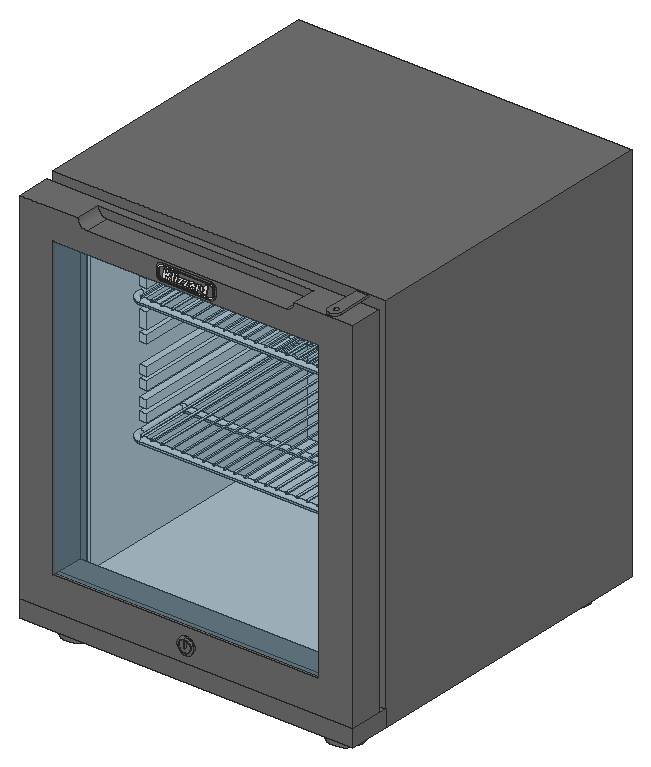
Revit family "QF_BLIZZARD_BMB30G_240315122217", category Specialty Equipment, Revit 2021
Family settings
  Round Connector Dimension = Use Diameter
  Part Type = Normal
  OmniClass Number = 23.40.40.14
  OmniClass Title = Food Service Equipment
  Work Plane-Based = No
  Always vertical = Yes
  Cut with Voids When Loaded = No
  Shared = No
  Room Calculation Point = No
Parameters (values of type "BMB30G")
  Weight [instance] = 16.6015 kg
  Warranty Start Date [instance] = ""
  Warranty Duration [instance] = ""
  Volts [instance] = 230 V
  Volt Free Conn [instance] = no
  URL Recommended Spares List [instance] = ""
  URL Manufacturer [instance] = ""
  URL Cutsheet [instance] = ""
  URL Critical Spares List [instance] = ""
  URL = "www.blizzardequipment.com"
  Treated Water Size = 0 mm
  Treated Water Recommended Temperature = 0 °C
  Treated Water RI Height [instance] = 0 mm
  Treated Water Minimum Pressure = 0.0 Pa
  Treated Water Maximum Pressure = 0.0 Pa
  Treated Water Flow = 0.0 L/s
  Treated Water Consumption = ""
  Treated Water Connection Height [instance] = 0 mm
  Technical Documentation [instance] = ""
  Tag Number [instance] = ""
  Status [instance] = ""
  Start Up Current [instance] = 0 A
  Specification by User [instance] = ""
  Specification by Manufacturer [instance] = ""
  Sound Level [instance] = ""
  Show Logo [instance] = yes
  Show Clearances [instance] = yes
  Service Life Duration [instance] = ""
  Serial Number [instance] = ""
  Sensitive Heat Output = 0 W
  Seismic Rating [instance] = ""
  SMACNA No [instance] = ""
  Revision Code [instance] = ""
  Revision [instance] = ""
  Refrigeration Suction Line Size = 0 mm
  Refrigeration Liquid Line Size = 0 mm
  Production Year [instance] = ""
  Potential Equalisation [instance] = no
  Point Load [instance] = 0
  Plumbing Remarks [instance] = ""
  Phase [instance] = 1
  Other Equipment Approvals [instance] = ""
  Operational Current [instance] = 0 A
  Odor Trap Included = no
  Number of Poles [instance] = 2
  No Load Power Draw [instance] = no
  National Water Regulation Certification = no
  NAFEM Spec ID Number [instance] = ""
  Model Warning [instance] = ""
  Model = "BMB30G"
  Min Ckt Ampacity [instance] = 0 A
  Mechanical Remarks [instance] = ""
  Mechanical Connection Type [instance] = ""
  Max Overcurrent Protection [instance] = 13 A
  Masterspec [instance] = ""
  Manufacturer = "BLIZZARD"
  Main switch integrated [instance] = no
  Length Actual [instance] = 400.05 mm
  Latent Heat Output = 0 W
  Item Number [instance] = ""
  Installed By [instance] = ""
  Installation Date [instance] = ""
  Identify Quantity as Lot [instance] = no
  ID [instance] = ""
  Hygiene Approval [instance] = ""
  Hot Water Consumption = 0.0 L/s
  Height Actual [instance] = 480.009 mm
  HP power [instance] = ""
  Gas power kW = 0
  Furnished By [instance] = ""
  Foodservice Equipment Identifier [instance] = no
  Filtered Water Supply Size = 0 mm
  Filtered Water RI Height [instance] = 0 mm
  Filtered Water Quality = ""
  Filtered Water Minimum Pressure = 0.0 Pa
  Filtered Water Maximum Pressure = 0.0 Pa
  Filtered Water Flow = 0.0 L/s
  Filtered Water Connection Height [instance] = 0 mm
  FL Amps [instance] = 2.82 A
  Energy Efficiency Labelling = ""
  Electrical Remarks [instance] = ""
  Electric power [instance] = 650 W
  Electric Connection Type [instance] = ""
  Elec Conn RI Height [instance] = 0 mm
  Elec Conn Connection Height [instance] = 0 mm
  ETL Approved [instance] = no
  Direct Heat Output = 0 W
  Description = "GLASS DOOR MINI BAR (10 BOTTLES)"
  Depth Actual [instance] = 440.004 mm
  Default Elevation = 0 mm
  Cycle [instance] = 50 Hz
  Cost = 334
  Connection to energy optimisation system [instance] = yes
  Conn Plug [instance] = ""
  Conn Conduit [instance] = no
  Cold Water Consumption = 0.0 L/s
  Centralized building control system with digital interface [instance] = ""
  CSI MasterFormat [instance] = ""
  CE Approved [instance] = no
  Barcode [instance] = 0
  Author [instance] = ""
  Asset Identifier [instance] = ""
  Apparent Power [instance] = 650 VA
  Accessory [instance] = no
Reference planes
  plane 1 "Center (Front/Back)": y = 0
  plane 2: z = 0
  plane 3 "Center (Left/Right)": x = 0
Forms (mm)
  Extrusion 1, solid, not visible
    sketch origin (200.01, -2, 40.002) x (1, 0, 0) y (0, 1, 0)
      loop
        line (-2, 2) -> (-2, -2) -> (2, -2) -> (2, 2) -> (-2, 2)
    from -2 to 2
Dimensions and locks
  locked: Extrusion 1 to nested 2
  locked: nested 2 to Extrusion 1 at 2
  aligned and locked: level to plane 2
Nested families
  nested 1: "QF_BLIZZARD_BMB30G_2861" at (0, 0, 0), type "BMB30G"
    with Weight 534.137 kg, Warranty Start Date "", Warranty Duration "", URL Cutsheet "", Technical Documentation "", Tag Number "", Status "", Specification by User "", Specification by Manufacturer "", Sound Level "", Solid Fuel Type "", Show Logo yes, Show Clearances yes, Service Life Duration "", Serial Number "", Seismic Rating "", SMACNA No "", Revision Code "", Revision "", Production Year "", Point Load 0, Other Equipment Approvals "", NAFEM Spec ID Number "", Model Warning "", Masterspec "", Length Actual 400.05 mm, Item Number "", Installed By "", Installation Date "", Identify Quantity as Lot yes, ID "", Hygiene Approval "", Height Actual 480.009 mm, Furnished By "", Foodservice Equipment Identifier yes, ETL Approved yes, Depth Actual 440.004 mm, CSI MasterFormat "", CE Approved yes, Barcode "", Author "", Asset Identifier "", Accessory no
  nested 2: "CONN_POINT_ELE_2D___Generic_Annotation" at (200.01, 0, 40.002), type "CONN_POINT_ELE_2D___Generic_Annotation"
    with Onboard connection annotation symbol visibility yes
Connectors
  electrical at (200.01, 0, 40.002), driven by "Apparent Power", driven by "Number of Poles", driven by "Volts"
    settings: on Extrusion 1, index 1, voltage 230 V, apparent load 0 VA, apparent load phase1 650 VA, apparent load phase2 0 VA, apparent load phase3 0 VA, power factor 1, load classification "Other", number of poles 2, system type 31, power factor state 1, is connector primary yes, connector utility no, sub classification motor no, connector description "Electrical connection for BMB30G"
Definition of nested family "QF_BLIZZARD_BMB30G_2861"
  Parameters (values of type "BMB30G")
    Weight [instance] = 0.00 kg
    Warranty Start Date [instance] = ""
    Warranty Duration [instance] = ""
    URL Cutsheet [instance] = ""
    URL = "www.blizzardequipment.com"
    Technical Documentation [instance] = ""
    Tag Number [instance] = ""
    Status [instance] = ""
    Specification by User [instance] = ""
    Specification by Manufacturer [instance] = ""
    Sound Level [instance] = ""
    Solid Fuel Type [instance] = ""
    Show Logo [instance] = yes
    Show Clearances [instance] = yes
    Service Life Duration [instance] = ""
    Serial Number [instance] = ""
    Seismic Rating [instance] = ""
    SMACNA No [instance] = ""
    Revision Code [instance] = ""
    Revision [instance] = ""
    Production Year [instance] = ""
    Point Load [instance] = 0
    Other Equipment Approvals [instance] = ""
    NAFEM Spec ID Number [instance] = ""
    Model Warning [instance] = ""
    Model = "BMB30G"
    Masterspec [instance] = ""
    Manufacturer = "BLIZZARD"
    Length Actual [instance] = 0 mm
    Item Number [instance] = ""
    Installed By [instance] = ""
    Installation Date [instance] = ""
    Identify Quantity as Lot [instance] = yes
    ID [instance] = ""
    Hygiene Approval [instance] = ""
    Height Actual [instance] = 0 mm
    Furnished By [instance] = ""
    Foodservice Equipment Identifier [instance] = yes
    ETL Approved [instance] = yes
    Description = "GLASS DOOR MINI BAR (10 BOTTLES)"
    Depth Actual [instance] = 0 mm
    Default Elevation = 0 mm
    CSI MasterFormat [instance] = ""
    CE Approved [instance] = yes
    Barcode [instance] = ""
    Author [instance] = ""
    Asset Identifier [instance] = ""
    Assembly Code = "E1090320"
    Accessory [instance] = yes
  Reference planes
    plane 1 "Back": y = 0
    plane 2: z = 0
    plane 3 "Left": x = 0
    plane 4 "Right": x = 400
    plane 5 "Front": y = -420
    plane 6 "Top": z = 480
  Forms (mm)
    Extrusion 1, solid
      sketch origin (0, 60, 10) x (1, 0, 0) y (0, 0, 1)
        loop
          line (0, 470) -> (0, 10) -> (400, 10) -> (400, 470) -> (0, 470)
        loop
          line (40, 430) -> (40, 50) -> (360, 50) -> (360, 430) -> (40, 430)
      from 60 to 430
    Revolve 2, solid
      sketch origin (0, -40, 0) x (1, 0, 0) y (0, 0, -1)
        loop
          line (50, -20) -> (50, -15) -> (60, -15) -> (60, 0) -> (40, 0) -> (40, -20) -> (50, -20)
        axis (40, 0) -> (40, -20)
      angle from 0 to 360
    Revolve 3, solid
      sketch origin (200, 220, -745) x (0, 1, 0) y (0, 0, 1)
        loop
          line (-640, 812.281) -> (-640, 815) -> (-641, 815) -> (-642.268, 812.281) -> (-640, 812.281)
        axis (-640, 805) -> (-642.268, 805)
      angle from 0 to 360
    Extrusion 4, solid
      sketch origin (200, -420, -745) x (1, 0, 0) y (0, 0, 1)
        loop
          circle (0, 805) r 7.281
      from 0 to 2.268
    Extrusion 5, solid
      sketch origin (-169.781, -420.768, -745) x (1, 0, 0) y (0, 0, 1)
        loop
          line (368.781, 810.281) -> (368.781, 803.281) -> (370.781, 803.281) -> (370.781, 810.281) -> (368.781, 810.281)
      from 0.232 to 2
    Extrusion 6, solid, visible <- "Show Clearances", detail levels coarse
      sketch origin (0, 0, 0) x (1, 0, 0) y (0, 1, 0)
        loop
          arc (0, -420) -> (117.157, -702.843) -> (400, -820) r 400
          line (400, -820) -> (400, -420) -> (0, -420)
      from 40 to 475
    Revolve 7, solid
      sketch origin (400, -40, 0) x (-1, 0, 0) y (0, 0, 1)
        loop
          line (50, 20) -> (40, 20) -> (40, 0) -> (60, 0) -> (60, 15) -> (50, 15) -> (50, 20)
        axis (40, 0) -> (40, 20)
      angle from 0 to 360
    Extrusion 8, solid
      sketch origin (0, -390, 0) x (1, 0, 0) y (0, 0, 1)
        loop
          line (0, 475) -> (0, 40) -> (400, 40) -> (400, 475) -> (0, 475)
        loop
          line (360, 80) -> (360, 440) -> (40, 440) -> (40, 80) -> (360, 80)
      from -10 to 30
    Extrusion 9, solid
      sketch origin (0, -412, 0) x (1, 0, 0) y (0, 0, 1)
        loop
          line (40, 440) -> (40, 80) -> (360, 80) -> (360, 440) -> (40, 440)
      from 0 to 5
    Revolve 10, solid
      sketch origin (0, -380, 0) x (1, 0, 0) y (0, 0, 1)
        loop
          line (50, 20) -> (40, 20) -> (40, 0) -> (60, 0) -> (60, 15) -> (50, 15) -> (50, 20)
        axis (40, 0) -> (40, 20)
      angle from 0 to 360
    Revolve 11, solid
      sketch origin (400, -380, 0) x (-1, 0, 0) y (0, 0, -1)
        loop
          line (50, -20) -> (50, -15) -> (60, -15) -> (60, 0) -> (40, 0) -> (40, -20) -> (50, -20)
        axis (40, 0) -> (40, -20)
      angle from 0 to 360
    Extrusion 12, solid
      sketch origin (0, 0, 0) x (1, 0, 0) y (0, 0, 1)
        loop
          line (40, 440) -> (40, 60) -> (360, 60) -> (360, 440) -> (40, 440)
      from 0 to 40
    Extrusion 13, solid
      sketch origin (0, -380, 0) x (1, 0, 0) y (0, 0, 1)
        loop
          line (0, 40) -> (0, 20) -> (400, 20) -> (400, 40) -> (0, 40)
      from -10 to 40
    Extrusion 14, solid
      sketch origin (40, -380, 0) x (1, 0, 0) y (0, 0, 1)
        loop
          line (-25, 55) -> (345, 55) -> (345, 465) -> (-25, 465) -> (-25, 55)
        loop
          line (-15, 65) -> (335, 65) -> (335, 455) -> (-15, 455) -> (-15, 65)
      from -10 to 0
    Extrusion 15, solid
      sketch origin (40, 0, 0) x (0, 1, 0) y (0, 0, 1)
        loop
          line (-370, 440) -> (-370, 435) -> (-45, 435) -> (-45, 65) -> (-370, 65) -> (-370, 60) -> (-40, 60) -> (-40, 440) -> (-370, 440)
      from 0 to 320
    Extrusion 16, solid
      sketch origin (355, 0, 0) x (0, 1, 0) y (0, 0, 1)
        loop
          line (-370, 435) -> (-370, 65) -> (-45, 65) -> (-45, 435) -> (-370, 435)
      from 0 to 5
    Extrusion 17, solid
      sketch origin (40, 0, 0) x (0, 1, 0) y (0, 0, 1)
        loop
          line (-370, 435) -> (-370, 65) -> (-45, 65) -> (-45, 435) -> (-370, 435)
      from 0 to 5
    Sweep 18, solid
      path origin (47.141, -118.803, 182.795) x (1, 0, 0) y (0, 1, 0)
        loop
          arc (11.859, 55.803) -> (3.373, 52.288) -> (-0.141, 43.803) r 12
          line (-0.141, 43.803) -> (-0.141, -178.83)
          arc (-0.141, -178.83) -> (3.373, -187.316) -> (11.859, -190.83) r 12
          line (11.859, -190.83) -> (293.859, -190.83)
          arc (293.859, -190.83) -> (302.344, -187.316) -> (305.859, -178.83) r 12
          line (305.859, -178.83) -> (305.859, 43.803)
          arc (305.859, 43.803) -> (302.344, 52.288) -> (293.859, 55.803) r 12
          line (293.859, 55.803) -> (11.859, 55.803)
      profile origin (200, -63, 182.795) x (0, 1, 0) y (0, 0, 1)
        loop
          circle (0, 0) r 3.5
    Extrusion 19, solid
      sketch origin (44, -118.803, 182.795) x (1, 0, 0) y (0, 0, 1)
        loop
          circle (13.5, 4.5) r 1
        loop
          circle (26, 4.5) r 1
        loop
          circle (38.5, 4.5) r 1
        loop
          circle (51, 4.5) r 1
        loop
          circle (63.5, 4.5) r 1
        loop
          circle (76, 4.5) r 1
        loop
          circle (88.5, 4.5) r 1
        loop
          circle (101, 4.5) r 1
        loop
          circle (113.5, 4.5) r 1
        loop
          circle (126, 4.5) r 1
        loop
          circle (138.5, 4.5) r 1
        loop
          circle (151, 4.5) r 1
        loop
          circle (163.5, 4.5) r 1
        loop
          circle (176, 4.5) r 1
        loop
          circle (188.5, 4.5) r 1
        loop
          circle (201, 4.5) r 1
        loop
          circle (213.5, 4.5) r 1
        loop
          circle (226, 4.5) r 1
        loop
          circle (238.5, 4.5) r 1
        loop
          circle (251, 4.5) r 1
        loop
          circle (263.5, 4.5) r 1
        loop
          circle (276, 4.5) r 1
        loop
          circle (288.5, 4.5) r 1
        loop
          circle (301, 4.5) r 1
      from -55.803 to 190.797
    Extrusion 20, solid
      sketch origin (47.5, -24.816, 182.795) x (0, 1, 0) y (0, 0, 1)
        loop
          circle (-211.5, 0) r 3.5
      from 0 to 305
    Extrusion 21, solid
      sketch origin (1653.773, -1349.75, -513.657) x (1, 0, 0) y (0, 0, 1)
        loop
          line (-1608.773, 844.071) -> (-1608.773, 834.071) -> (-1598.773, 834.071) -> (-1598.773, 844.071) -> (-1608.773, 844.071)
      from -1274.75 to -1052.117
    Sweep 22, solid
      path origin (47.141, -118.803, 332.795) x (1, 0, 0) y (0, 1, 0)
        loop
          arc (11.859, 55.803) -> (3.373, 52.288) -> (-0.141, 43.803) r 12
          line (-0.141, 43.803) -> (-0.141, -178.83)
          arc (-0.141, -178.83) -> (3.373, -187.316) -> (11.859, -190.83) r 12
          line (11.859, -190.83) -> (293.859, -190.83)
          arc (293.859, -190.83) -> (302.344, -187.316) -> (305.859, -178.83) r 12
          line (305.859, -178.83) -> (305.859, 43.803)
          arc (305.859, 43.803) -> (302.344, 52.288) -> (293.859, 55.803) r 12
          line (293.859, 55.803) -> (11.859, 55.803)
      profile origin (200, -63, 332.795) x (0, 1, 0) y (0, 0, 1)
        loop
          circle (0, 0) r 3.5
    Extrusion 23, solid
      sketch origin (44, -118.803, 332.795) x (1, 0, 0) y (0, 0, 1)
        loop
          circle (13.5, 4.5) r 1
        loop
          circle (26, 4.5) r 1
        loop
          circle (38.5, 4.5) r 1
        loop
          circle (51, 4.5) r 1
        loop
          circle (63.5, 4.5) r 1
        loop
          circle (76, 4.5) r 1
        loop
          circle (88.5, 4.5) r 1
        loop
          circle (101, 4.5) r 1
        loop
          circle (113.5, 4.5) r 1
        loop
          circle (126, 4.5) r 1
        loop
          circle (138.5, 4.5) r 1
        loop
          circle (151, 4.5) r 1
        loop
          circle (163.5, 4.5) r 1
        loop
          circle (176, 4.5) r 1
        loop
          circle (188.5, 4.5) r 1
        loop
          circle (201, 4.5) r 1
        loop
          circle (213.5, 4.5) r 1
        loop
          circle (226, 4.5) r 1
        loop
          circle (238.5, 4.5) r 1
        loop
          circle (251, 4.5) r 1
        loop
          circle (263.5, 4.5) r 1
        loop
          circle (276, 4.5) r 1
        loop
          circle (288.5, 4.5) r 1
        loop
          circle (301, 4.5) r 1
      from -55.803 to 190.797
    Extrusion 24, solid
      sketch origin (47.5, -24.816, 332.795) x (0, 1, 0) y (0, 0, 1)
        loop
          circle (-211.5, 0) r 3.5
      from 0 to 305
    Extrusion 25, solid
      sketch origin (1653.773, -1349.75, -663.657) x (1, 0, 0) y (0, 0, 1)
        loop
          line (-1608.773, 844.071) -> (-1608.773, 834.071) -> (-1598.773, 834.071) -> (-1598.773, 844.071) -> (-1608.773, 844.071)
      from -1274.75 to -1052.117
    Extrusion 26, solid
      sketch origin (1953.773, -1349.75, -513.657) x (1, 0, 0) y (0, 0, 1)
        loop
          line (-1608.773, 844.071) -> (-1608.773, 834.071) -> (-1598.773, 834.071) -> (-1598.773, 844.071) -> (-1608.773, 844.071)
      from -1274.75 to -1052.117
    Extrusion 27, solid
      sketch origin (1953.773, -1349.75, -663.657) x (1, 0, 0) y (0, 0, 1)
        loop
          line (-1608.773, 844.071) -> (-1608.773, 834.071) -> (-1598.773, 834.071) -> (-1598.773, 844.071) -> (-1608.773, 844.071)
      from -1274.75 to -1052.117
    Extrusion 28, solid
      sketch origin (1653.773, -1349.75, -528.657) x (1, 0, 0) y (0, 0, 1)
        loop
          line (-1608.773, 844.071) -> (-1608.773, 824.071) -> (-1598.773, 824.071) -> (-1598.773, 844.071) -> (-1608.773, 844.071)
      from -1274.75 to -1052.117
    Extrusion 29, solid
      sketch origin (1953.773, -1349.75, -528.657) x (1, 0, 0) y (0, 0, 1)
        loop
          line (-1608.773, 844.071) -> (-1608.773, 824.071) -> (-1598.773, 824.071) -> (-1598.773, 844.071) -> (-1608.773, 844.071)
      from -1274.75 to -1052.117
    Extrusion 30, solid
      sketch origin (1653.773, -1349.75, -553.657) x (1, 0, 0) y (0, 0, 1)
        loop
          line (-1608.773, 844.071) -> (-1608.773, 834.071) -> (-1598.773, 834.071) -> (-1598.773, 844.071) -> (-1608.773, 844.071)
      from -1274.75 to -1052.117
    Extrusion 31, solid
      sketch origin (1953.773, -1349.75, -553.657) x (1, 0, 0) y (0, 0, 1)
        loop
          line (-1608.773, 844.071) -> (-1608.773, 834.071) -> (-1598.773, 834.071) -> (-1598.773, 844.071) -> (-1608.773, 844.071)
      from -1274.75 to -1052.117
    Extrusion 32, solid
      sketch origin (1653.773, -1349.75, -588.657) x (1, 0, 0) y (0, 0, 1)
        loop
          line (-1608.773, 844.071) -> (-1608.773, 834.071) -> (-1598.773, 834.071) -> (-1598.773, 844.071) -> (-1608.773, 844.071)
      from -1274.75 to -1052.117
    Extrusion 33, solid
      sketch origin (1953.773, -1349.75, -588.657) x (1, 0, 0) y (0, 0, 1)
        loop
          line (-1608.773, 844.071) -> (-1608.773, 834.071) -> (-1598.773, 834.071) -> (-1598.773, 844.071) -> (-1608.773, 844.071)
      from -1274.75 to -1052.117
    Extrusion 34, solid
      sketch origin (1653.773, -1349.75, -603.657) x (1, 0, 0) y (0, 0, 1)
        loop
          line (-1608.773, 844.071) -> (-1608.773, 834.071) -> (-1598.773, 834.071) -> (-1598.773, 844.071) -> (-1608.773, 844.071)
      from -1274.75 to -1052.117
    Extrusion 35, solid
      sketch origin (1953.773, -1349.75, -603.657) x (1, 0, 0) y (0, 0, 1)
        loop
          line (-1608.773, 844.071) -> (-1608.773, 834.071) -> (-1598.773, 834.071) -> (-1598.773, 844.071) -> (-1608.773, 844.071)
      from -1274.75 to -1052.117
    Extrusion 36, solid
      sketch origin (1653.773, -1349.75, -623.657) x (1, 0, 0) y (0, 0, 1)
        loop
          line (-1608.773, 844.071) -> (-1608.773, 834.071) -> (-1598.773, 834.071) -> (-1598.773, 844.071) -> (-1608.773, 844.071)
      from -1274.75 to -1052.117
    Extrusion 37, solid
      sketch origin (1953.773, -1349.75, -623.657) x (1, 0, 0) y (0, 0, 1)
        loop
          line (-1608.773, 844.071) -> (-1608.773, 834.071) -> (-1598.773, 834.071) -> (-1598.773, 844.071) -> (-1608.773, 844.071)
      from -1274.75 to -1052.117
    Extrusion 38, solid
      sketch origin (1653.773, -1349.75, -638.657) x (1, 0, 0) y (0, 0, 1)
        loop
          line (-1608.773, 844.071) -> (-1608.773, 834.071) -> (-1598.773, 834.071) -> (-1598.773, 844.071) -> (-1608.773, 844.071)
      from -1274.75 to -1052.117
    Extrusion 39, solid
      sketch origin (1953.773, -1349.75, -638.657) x (1, 0, 0) y (0, 0, 1)
        loop
          line (-1608.773, 844.071) -> (-1608.773, 834.071) -> (-1598.773, 834.071) -> (-1598.773, 844.071) -> (-1608.773, 844.071)
      from -1274.75 to -1052.117
    Extrusion 40, solid
      sketch origin (1653.773, -1349.75, -493.657) x (1, 0, 0) y (0, 0, 1)
        loop
          line (-1608.773, 844.071) -> (-1608.773, 834.071) -> (-1598.773, 834.071) -> (-1598.773, 844.071) -> (-1608.773, 844.071)
      from -1274.75 to -1052.117
    Extrusion 41, solid
      sketch origin (1953.773, -1349.75, -493.657) x (1, 0, 0) y (0, 0, 1)
        loop
          line (-1608.773, 844.071) -> (-1608.773, 834.071) -> (-1598.773, 834.071) -> (-1598.773, 844.071) -> (-1608.773, 844.071)
      from -1274.75 to -1052.117
    Extrusion 42, solid
      sketch origin (1653.773, -1349.75, -463.657) x (1, 0, 0) y (0, 0, 1)
        loop
          line (-1608.773, 844.071) -> (-1608.773, 834.071) -> (-1598.773, 834.071) -> (-1598.773, 844.071) -> (-1608.773, 844.071)
      from -1274.75 to -1052.117
    Extrusion 43, solid
      sketch origin (1953.773, -1349.75, -463.657) x (1, 0, 0) y (0, 0, 1)
        loop
          line (-1608.773, 844.071) -> (-1608.773, 834.071) -> (-1598.773, 834.071) -> (-1598.773, 844.071) -> (-1608.773, 844.071)
      from -1274.75 to -1052.117
    Extrusion 44, solid
      sketch origin (1653.773, -1349.75, -448.657) x (1, 0, 0) y (0, 0, 1)
        loop
          line (-1608.773, 844.071) -> (-1608.773, 834.071) -> (-1598.773, 834.071) -> (-1598.773, 844.071) -> (-1608.773, 844.071)
      from -1274.75 to -1052.117
    Extrusion 45, solid
      sketch origin (1953.773, -1349.75, -448.657) x (1, 0, 0) y (0, 0, 1)
        loop
          line (-1608.773, 844.071) -> (-1608.773, 834.071) -> (-1598.773, 834.071) -> (-1598.773, 844.071) -> (-1608.773, 844.071)
      from -1274.75 to -1052.117
    Extrusion 46, solid
      sketch origin (0, 0, 477) x (1, 0, 0) y (0, 1, 0)
        loop
          line (380, -370) -> (365, -370) -> (365, -412.5)
          arc (365, -412.5) -> (372.5, -420) -> (380, -412.5) r 7.5
          line (380, -412.5) -> (380, -370)
      from 0 to 2
    Revolve 47, solid
      sketch origin (372.5, 0, 0) x (0, 1, 0) y (0, 0, 1)
        loop
          arc (-410, 480) -> (-411.768, 479.268) -> (-412.5, 477.5) r 2.5
          line (-412.5, 477.5) -> (-412.5, 475) -> (-410, 475) -> (-410, 480)
        axis (-410, 475) -> (-410, 480)
      angle from 0 to 360
    Extrusion 48, void
      sketch origin (0, -390, 0) x (1, 0, 0) y (0, 0, 1)
        loop
          line (330, 475) -> (330, 482) -> (70, 482) -> (70, 475)
          arc (70, 475) -> (72.929, 467.929) -> (80, 465) r 10
          line (80, 465) -> (320, 465)
          arc (320, 465) -> (327.071, 467.929) -> (330, 475) r 10
      from 0 to 40
    Extrusion 49, solid, visible <- "Show Logo"
      sketch origin (142.642, -418.5, 309.509) x (1, 0, 0) y (0, 0, 1)
        loop
          arc (22.13, 139.05) -> (23.822, 134.965) -> (27.907, 133.273) r 5.777
          line (27.907, 133.273) -> (86.809, 133.273)
          arc (86.809, 133.273) -> (90.894, 134.965) -> (92.585, 139.05) r 5.777
          line (92.585, 139.05) -> (92.585, 147.215)
          arc (92.585, 147.215) -> (90.894, 151.299) -> (86.809, 152.991) r 5.777
          line (86.809, 152.991) -> (27.907, 152.991)
          arc (27.907, 152.991) -> (23.822, 151.299) -> (22.13, 147.215) r 5.777
          line (22.13, 147.215) -> (22.13, 139.05)
      from 0 to 2
    Extrusion 50, solid, visible <- "Show Logo"
      sketch origin (142.642, -418.7, 314.517) x (1, 0, 0) y (0, 0, 1)
        loop
          line (30.3, 133.137) -> (36.162, 133.137)
          arc (36.162, 133.137) -> (39.122, 134.994) -> (38.048, 138.319) r 2.844
          arc (38.048, 138.319) -> (38.838, 141.267) -> (36.338, 143.017) r 2.66
          line (36.338, 143.017) -> (31.338, 143.017) -> (30.3, 133.137)
        loop
          line (33.066, 135.126) -> (35.993, 135.126)
          arc (35.993, 135.126) -> (36.943, 136.076) -> (35.993, 137.026) r 0.95
          line (35.993, 137.026) -> (33.066, 137.026) -> (33.066, 135.126)
        loop
          line (33.528, 139.285) -> (36.147, 139.285)
          arc (36.147, 139.285) -> (36.994, 140.133) -> (36.147, 140.98) r 0.847
          line (36.147, 140.98) -> (33.528, 140.98) -> (33.528, 139.285)
        loop
          line (40.306, 133.137) -> (42.874, 133.137) -> (43.912, 143.017) -> (41.344, 143.017) -> (40.306, 133.137)
        loop
          line (45.174, 140.98) -> (47.749, 140.98) -> (47.964, 143.017) -> (45.389, 143.017) -> (45.174, 140.98)
        loop
          line (45.104, 140.313) -> (44.35, 133.137) -> (46.671, 133.137) -> (47.425, 140.313) -> (45.104, 140.313)
        loop
          line (48.314, 138.359) -> (51.196, 138.359) -> (47.765, 134.548) -> (47.765, 133.137) -> (54.184, 133.137) -> (54.393, 135.126) -> (51.213, 135.126) -> (54.657, 138.952) -> (54.657, 140.313) -> (48.519, 140.313) -> (48.314, 138.359)
        loop
          line (55.213, 138.359) -> (58.095, 138.359) -> (54.664, 134.548) -> (54.664, 133.137) -> (61.084, 133.137) -> (61.293, 135.126) -> (58.112, 135.126) -> (61.557, 138.952) -> (61.557, 140.313) -> (55.419, 140.313) -> (55.213, 138.359)
        loop
          arc (64.816, 137.983) -> (65.785, 138.952) -> (66.753, 137.983) r 0.969
          line (66.753, 137.983) -> (64.711, 137.436)
          arc (64.711, 137.436) -> (62.642, 134.297) -> (66.342, 133.633) r 2.251
          line (66.342, 133.633) -> (66.77, 132.921) -> (69.168, 132.921) -> (68.641, 134.052) -> (69.084, 138.274)
          arc (69.084, 138.274) -> (65.782, 140.567) -> (62.514, 138.225) r 3.488
          line (62.514, 138.225) -> (64.816, 137.983)
        loop
          line (69.848, 133.137) -> (72.232, 133.137) -> (72.59, 136.546)
          arc (72.59, 136.546) -> (73.413, 137.974) -> (75.025, 138.32) r 2.029
          line (75.025, 138.32) -> (75.83, 140.313)
          arc (75.83, 140.313) -> (74.279, 140.541) -> (72.927, 139.749) r 2.362
          line (72.927, 139.749) -> (72.927, 140.627) -> (70.635, 140.627) -> (69.848, 133.137)
        loop
          line (82.596, 133.137) -> (83.635, 143.017) -> (81.373, 143.017) -> (81.031, 139.764)
          arc (81.031, 139.764) -> (75.402, 137.124) -> (80.359, 133.372) r 3.631
          line (80.359, 133.372) -> (82.596, 133.137)
        loop
          spline (78.956, 134.82) -> (79.32, 134.851) -> (79.675, 135.016) -> (79.994, 135.304) -> (80.258, 135.695) -> (80.446, 136.164) -> (80.548, 136.677) -> (80.555, 137.2) -> (80.468, 137.697) -> (80.292, 138.134) -> (80.039, 138.483) -> (79.727, 138.718) -> (79.376, 138.823)
          spline (79.376, 138.823) -> (79.011, 138.793) -> (78.657, 138.628) -> (78.338, 138.34) -> (78.074, 137.948) -> (77.886, 137.48) -> (77.784, 136.967) -> (77.777, 136.444) -> (77.864, 135.947) -> (78.04, 135.509) -> (78.293, 135.161) -> (78.605, 134.926) -> (78.956, 134.82)
        loop
          line (66.385, 136.28) -> (64.729, 135.958)
          arc (64.729, 135.958) -> (64.361, 135.233) -> (65.042, 134.788) r 0.609
          arc (65.042, 134.788) -> (66.068, 135.215) -> (66.385, 136.28) r 1.295
        loop
          line (85.459, 146.184) -> (29.578, 146.184)
          arc (29.578, 146.184) -> (25.494, 144.492) -> (23.802, 140.407) r 5.777
          line (23.802, 140.407) -> (23.802, 135.662)
          arc (23.802, 135.662) -> (25.494, 131.578) -> (29.578, 129.886) r 5.777
          line (29.578, 129.886) -> (85.459, 129.886)
          arc (85.459, 129.886) -> (89.544, 131.578) -> (91.236, 135.662) r 5.777
          line (91.236, 135.662) -> (91.236, 140.407)
          arc (91.236, 140.407) -> (89.544, 144.492) -> (85.459, 146.184) r 5.777
        loop
          line (85.459, 145.184) -> (29.578, 145.184)
          arc (29.578, 145.184) -> (26.201, 143.785) -> (24.802, 140.407) r 4.777
          line (24.802, 140.407) -> (24.802, 135.662)
          arc (24.802, 135.662) -> (26.201, 132.285) -> (29.578, 130.886) r 4.777
          line (29.578, 130.886) -> (85.459, 130.886)
          arc (85.459, 130.886) -> (88.837, 132.285) -> (90.236, 135.662) r 4.777
          line (90.236, 135.662) -> (90.236, 140.407)
          arc (90.236, 140.407) -> (88.837, 143.785) -> (85.459, 145.184) r 4.777
      from 0 to 2
  Cuts and joins
    joined: Extrusion 1, Extrusion 12
    Extrusion 48 cuts Extrusion 8
  Lines and regions (mm)
    symbolic lines
      curve 1: line (0, 0, 0) -> (400, 0, 0)
      curve 2: line (0, -420, 0) -> (0, 0, 0)
      curve 3: line (400, -420, 0) -> (0, -420, 0)
      curve 4: line (400, 0, 0) -> (400, -420, 0)
      curve 5: line (0, -370, 0) -> (400, -370, 0)
      curve 8: line (365, -370, 0) -> (365, -412.5, 0)
      curve 9: line (380, -412.5, 0) -> (380, -370, 0)
      curve 10: arc (365, -412.5, 0) -> (372.5, -420, 0) -> (380, -412.5, 0) r 7.5
      curve 11: line (400, -380, 0) -> (380, -380, 0)
      curve 12: line (365, -380, 0) -> (0, -380, 0)
      curve 13: line (70, -390, 0) -> (330, -390, 0)
      curve 14: line (330, -390, 0) -> (330, -420, 0)
      curve 15: line (70, -390, 0) -> (70, -420, 0)
    symbolic lines, visible <- "Show Clearances"
      curve 6: line (400, -820, 0) -> (400, -420, 0)
      curve 7: arc (0, -420, 0) -> (117.157, -702.843, 0) -> (400, -820, 0) r 400
  Dimensions and locks
    plane 3 "Left" to plane 4 "Right" = 400 mm
    plane 5 "Front" to plane 1 "Back" = 420 mm
    plane 6 "Top" to level = 480 mm  (x2)
    plane 1 "Back" to plane 5 "Front" = 420 mm
    plane 4 "Right" to plane 3 "Left" = 400 mm
    aligned and locked: level to plane 2
Definition of nested family "CONN_POINT_ELE_2D___Generic_Annotation"
  Parameters (values of type "CONN_POINT_ELE_2D___Generic_Annotation")
    Onboard connection annotation symbol visibility [instance] = yes
  Reference planes
    plane 1: y = 0
    plane 2: x = 0
  Lines and regions (mm)
    detail lines, visible <- "Onboard connection annotation symbol visibility"
      curve 1: circle (0, 0, 0) r 0.5 normal (0, 0, 1)
      curve 2: line (-1, 0, 0) -> (1, 0, 0)
      curve 3: line (0, 1, 0) -> (0, -1, 0)
      curve 4: line (2.5, 1, 0) -> (1.25, 1, 0)
      curve 5: line (1.25, 1, 0) -> (1.25, -1, 0)
      curve 6: line (1.25, -1, 0) -> (2.5, -1, 0)
      curve 7: line (1.25, 0, 0) -> (2, 0, 0)
